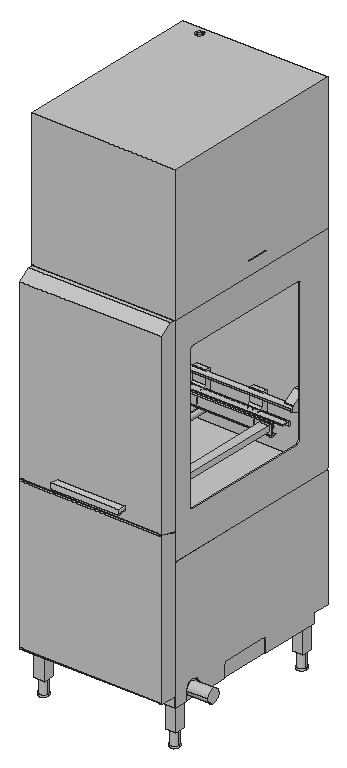
Revit family "QF_ELECTROLUXPROFESSIONAL_535033_NMPWEV", category Specialty Equipment, Revit 2018
Family settings
  Round Connector Dimension = Use Diameter
  Part Type = Normal
  Work Plane-Based = No
  Always vertical = Yes
  Cut with Voids When Loaded = No
  Shared = No
  Room Calculation Point = No
Parameters
  Weight = 0.00 kg
  Watts = 0 W
  Volts = 380 V
  URL Manufacturer = "http://professional.electrolux.com/"
  URL = "http://professional.electrolux.com/"
  Steam Supply Size = 0 mm
  Steam Supply Minimum Pressure = 0.0 Pa
  Steam Supply Maximum Pressure = 0.0 Pa
  Steam Pounds per Hour = 0
  Show Clearance [instance] = yes
  Refrigeration Suction Line Size = 0 mm
  Refrigeration Liquid Line Size = 0 mm
  Refrigerant Compressor Remote = yes
  Manufacturer = "Zanussi"
  Phase = 3
  Model = "NMPWEV"
  Length Actual = 560 mm  # constant formula
  Item Number = "535033"
  Hot Water Size = 0 mm
  Height Actual = 2020 mm  # constant formula
  HP = "9.9 HP"
  Gas Size = 0 mm
  Gas KW = 0
  Gas Input Pressure = 0 W
  Direct Waste Size = 50 mm
  Description = "MEDIUM PRE-WASH MODULE RT-ELEC.HP"
  Depth Actual = 825 mm  # constant formula
  Cycle = 50 Hz
  Condensate Return Size = 0 mm
  Compressed Air Volume = 0.0 L/s
  Compressed Air Size = 0 mm
  Compressed Air Pressure = 0.0 Pa
  Cold Water Size = 0 mm
  Accessory = yes
Reference planes
  plane 1 "Center X": y = -14.242
  plane 2: z = 0
  plane 3 "Center Y": x = 293.437
  plane 4 "LEFT": x = 13.437
  plane 5 "RIGHT": x = 573.437
  plane 6 "BACK": y = 383.258
  plane 7 "FRONT": y = -411.742
  plane 8: z = 150
  plane 9: z = 2095
  plane 10: z = 185
  plane 11 "TOP": z = 2020
Forms (mm)
  Extrusion 1, solid, material "QF_Clearance", visible <- "Show Clearance", detail levels coarse
    sketch origin (0, 0, 0) x (1, 0, 0) y (0, 1, 0)
      loop
        line (13.437, 383.258) -> (573.437, 383.258) -> (573.437, 433.258) -> (13.437, 433.258) -> (13.437, 383.258)
    from 0 to 2020
  Extrusion 2, solid, material "QF_Finishes_Stainless Steel"
    sketch origin (13.437, 437.565, 4000) x (0, 1, 0) y (0, 0, 1)
      loop
        line (-54.307, -2507) -> (-786.807, -2507) -> (-786.807, -3337)
        arc (-786.807, -3337) -> (-785.343, -3340.536) -> (-781.807, -3342) r 5
        line (-781.807, -3342) -> (-59.307, -3342)
        arc (-59.307, -3342) -> (-55.772, -3340.536) -> (-54.307, -3337) r 5
        line (-54.307, -3337) -> (-54.307, -2507)
      loop
        line (-203.511, -2625.157) -> (-705.104, -2625.157)
        arc (-705.104, -2625.157) -> (-717.267, -2630.195) -> (-722.305, -2642.358) r 17.201
        line (-722.305, -2642.358) -> (-722.305, -3177.057)
        arc (-722.305, -3177.057) -> (-717.267, -3189.22) -> (-705.104, -3194.258) r 17.201
        line (-705.104, -3194.258) -> (-203.511, -3194.258)
        arc (-203.511, -3194.258) -> (-191.348, -3189.22) -> (-186.31, -3177.057) r 17.201
        line (-186.31, -3177.057) -> (-186.31, -2642.358)
        arc (-186.31, -2642.358) -> (-191.348, -2630.195) -> (-203.511, -2625.157) r 17.201
    from 0 to 5
  Extrusion 3, solid, material "QF_Finishes_Stainless Steel"
    sketch origin (293.437, 0, 235) x (0, 1, 0) y (0, 0, 1)
      loop
        line (383.258, 1785) -> (-349.242, 1785) -> (-349.242, 1258) -> (383.258, 1258) -> (383.258, 1785)
    from -280 to 280
  Extrusion 4, solid, material "QF_Finishes_Stainless Steel"
    sketch origin (293.437, 0, 0) x (0, 1, 0) y (0, 0, 1)
      loop
        line (383.258, 1493) -> (-349.242, 1493) -> (-349.242, 150) -> (315.758, 150) -> (315.758, 188) -> (383.258, 188) -> (383.258, 1493)
      loop
        line (315.758, 1443) -> (-324.242, 1443) -> (-324.242, 708) -> (315.758, 708) -> (315.758, 1443)
    from -275 to 275
  Extrusion 5, solid, material "QF_Finishes_Stainless Steel"
    sketch origin (13.437, 437.565, 4000) x (0, 1, 0) y (0, 0, 1)
      loop
        line (-59.307, -3344) -> (-781.807, -3344)
        arc (-781.807, -3344) -> (-785.343, -3345.464) -> (-786.807, -3349) r 5
        line (-786.807, -3349) -> (-786.807, -3850) -> (-740.31, -3850) -> (-740.31, -3815)
        arc (-740.31, -3815) -> (-707.31, -3782) -> (-674.31, -3815) r 33
        line (-674.31, -3815) -> (-674.31, -3850) -> (-554.307, -3850) -> (-554.307, -3805)
        arc (-554.307, -3805) -> (-549.914, -3794.393) -> (-539.307, -3790) r 15
        line (-539.307, -3790) -> (-369.307, -3790)
        arc (-369.307, -3790) -> (-358.701, -3794.393) -> (-354.307, -3805) r 15
        line (-354.307, -3805) -> (-354.307, -3850) -> (-121.807, -3850) -> (-121.807, -3812) -> (-54.307, -3812) -> (-54.307, -3349)
        arc (-54.307, -3349) -> (-55.772, -3345.464) -> (-59.307, -3344) r 5
    from 0 to 5
  Extrusion 6, solid, material "QF_Finishes_Stainless Steel"
    sketch origin (573.437, 479.936, 4000) x (0, 1, 0) y (0, 0, 1)
      loop
        line (-96.678, -2507) -> (-829.178, -2507) -> (-829.178, -3337)
        arc (-829.178, -3337) -> (-827.714, -3340.536) -> (-824.178, -3342) r 5
        line (-824.178, -3342) -> (-101.678, -3342)
        arc (-101.678, -3342) -> (-98.142, -3340.536) -> (-96.678, -3337) r 5
        line (-96.678, -3337) -> (-96.678, -2507)
      loop
        line (-245.882, -2625.157) -> (-747.475, -2625.157)
        arc (-747.475, -2625.157) -> (-759.638, -2630.195) -> (-764.676, -2642.358) r 17.201
        line (-764.676, -2642.358) -> (-764.676, -3177.057)
        arc (-764.676, -3177.057) -> (-759.638, -3189.22) -> (-747.475, -3194.258) r 17.201
        line (-747.475, -3194.258) -> (-245.882, -3194.258)
        arc (-245.882, -3194.258) -> (-233.718, -3189.22) -> (-228.68, -3177.057) r 17.201
        line (-228.68, -3177.057) -> (-228.68, -2642.358)
        arc (-228.68, -2642.358) -> (-233.718, -2630.195) -> (-245.882, -2625.157) r 17.201
    from -5 to 0
  Extrusion 7, solid, material "QF_Finishes_Stainless Steel"
    sketch origin (573.437, 479.936, 4000) x (0, 1, 0) y (0, 0, 1)
      loop
        line (-101.678, -3344) -> (-824.178, -3344)
        arc (-824.178, -3344) -> (-827.714, -3345.464) -> (-829.178, -3349) r 5
        line (-829.178, -3349) -> (-829.178, -3850) -> (-782.68, -3850) -> (-782.68, -3815)
        arc (-782.68, -3815) -> (-749.68, -3782) -> (-716.68, -3815) r 33
        line (-716.68, -3815) -> (-716.68, -3850) -> (-596.678, -3850) -> (-596.678, -3805)
        arc (-596.678, -3805) -> (-592.285, -3794.393) -> (-581.678, -3790) r 15
        line (-581.678, -3790) -> (-411.678, -3790)
        arc (-411.678, -3790) -> (-401.071, -3794.393) -> (-396.678, -3805) r 15
        line (-396.678, -3805) -> (-396.678, -3850) -> (-164.178, -3850) -> (-164.178, -3812) -> (-96.678, -3812) -> (-96.678, -3349)
        arc (-96.678, -3349) -> (-98.142, -3345.464) -> (-101.678, -3344) r 5
    from -5 to 0
  Extrusion 8, void
    sketch origin (293.437, 383.258, 2020) x (1, 0, 0) y (0, -1, 0)
      loop
        circle (-188, 33.75) r 8
      loop
        circle (-188, 33.75) r 16
    from 0 to 5
Cuts and joins
  Extrusion 8 cuts Extrusion 3
Lines and regions (mm)
  symbolic lines, style "QF_Clearances", visible <- "Show Clearance", detail levels coarse
    curve 1: line (573.437, 433.258, 2020) -> (13.437, 433.258, 2020)
  symbolic lines
    curve 2: line (13.437, 383.258, 0) -> (573.437, 383.258, 0)
    curve 3: line (13.437, -349.242, 0) -> (13.437, 383.258, 0)
    curve 4: line (573.437, -349.242, 0) -> (13.437, -349.242, 0)
    curve 5: line (573.437, 383.258, 0) -> (573.437, -349.242, 0)
    curve 6: line (13.437, 315.758, 0) -> (573.437, 315.758, 0)
Dimensions and locks
  plane 4 "LEFT" to plane 5 "RIGHT" = 560 mm
  equal spacing: plane 6 "BACK", plane 1 "Center X", plane 7 "FRONT"
  plane 6 "BACK" to plane 7 "FRONT" = 795 mm
  plane 8 to level = 150 mm
  Extrusion 1 to Extrusion 8 sketch curve = 92 mm
  locked: Extrusion 5 to plane 4 "LEFT" at 5
  locked: plane 5 "RIGHT" to Extrusion 7 at 5
  aligned and locked: level to plane 2
  aligned and locked: plane 4 "LEFT" to nested 5
  aligned and locked: plane 5 "RIGHT" to nested 4
  aligned and locked: cut or joined group of Extrusion 3, Extrusion 8 to plane 4 "LEFT"
  aligned and locked: plane 5 "RIGHT" to cut or joined group of Extrusion 3, Extrusion 8
  aligned and locked: Extrusion 6 to Extrusion 7
  aligned and locked: Extrusion 4 to Extrusion 7
  aligned and locked: Extrusion 4 to Extrusion 5
  aligned and locked: curve 2 to plane 6 "BACK"
  aligned and locked: curve 5 to plane 5 "RIGHT"
  aligned and locked: plane 4 "LEFT" to curve 3
  aligned and locked: curve 4 to Extrusion 4
  aligned and locked: plane 3 "Center Y" to nested 3
Automatic sketch dimensions
  Extrusion 1 sketch curve to plane 4 "LEFT" = 0 mm
  Extrusion 1 sketch curve to plane 5 "RIGHT" = 0 mm
  Extrusion 1 sketch curve to plane 6 "BACK" = 0 mm
  plane 6 "BACK" to Extrusion 1 sketch curve = 50 mm
  Extrusion 2 sketch curve to plane 6 "BACK" = 0 mm
  Extrusion 2 sketch curve to Extrusion 2 sketch curve = 5 mm  (x2)
  Extrusion 2 sketch curve to plane 6 "BACK" = 132.002 mm  (x2)
  Extrusion 2 sketch curve to Extrusion 2 sketch curve = 17.201 mm  (x3)
  plane 7 "FRONT" to Extrusion 2 sketch curve = 144.203 mm  (x2)
  plane 7 "FRONT" to Extrusion 2 sketch curve = 67.5 mm
  plane 10 to Extrusion 2 sketch curve = 473 mm
  Extrusion 2 sketch curve to Extrusion 2 sketch curve = 142.742 mm
  Extrusion 2 sketch curve to Extrusion 2 sketch curve = 0 mm  (x2)
  Extrusion 2 sketch curve to Extrusion 2 sketch curve = 534.698 mm
  Extrusion 2 sketch curve to Extrusion 2 sketch curve = 135.358 mm
  Extrusion 3 sketch curve to plane 6 "BACK" = 0 mm
  plane 7 "FRONT" to Extrusion 3 sketch curve = 62.5 mm
  Extrusion 3 sketch curve to Extrusion 3 sketch curve = 527 mm
  Extrusion 4 sketch curve to plane 8 = 0 mm
  Extrusion 4 sketch curve to plane 6 "BACK" = 0 mm
  plane 10 to Extrusion 4 sketch curve = 3 mm
  Extrusion 4 sketch curve to plane 6 "BACK" = 67.5 mm  (x2)
  plane 7 "FRONT" to Extrusion 4 sketch curve = 87.5 mm
  plane 7 "FRONT" to Extrusion 4 sketch curve = 62.5 mm
  Extrusion 4 sketch curve to Extrusion 4 sketch curve = 520 mm
  Extrusion 4 sketch curve to Extrusion 4 sketch curve = 50 mm
  Extrusion 5 sketch curve to plane 8 = 0 mm  (x3)
  Extrusion 5 sketch curve to plane 10 = 0 mm  (x2)
  Extrusion 5 sketch curve to plane 6 "BACK" = 0 mm
  Extrusion 5 sketch curve to plane 6 "BACK" = 5 mm
  plane 10 to Extrusion 5 sketch curve = 3 mm
  Extrusion 5 sketch curve to Extrusion 5 sketch curve = 67.5 mm
  Extrusion 5 sketch curve to plane 1 "Center X" = 97.5 mm
  Extrusion 5 sketch curve to Extrusion 5 sketch curve = 15 mm  (x2)
  plane 10 to Extrusion 5 sketch curve = 25 mm
  plane 1 "Center X" to Extrusion 5 sketch curve = 87.5 mm
  Extrusion 5 sketch curve to Extrusion 5 sketch curve = 120.002 mm
  Extrusion 5 sketch curve to Extrusion 5 sketch curve = 33 mm
  plane 7 "FRONT" to Extrusion 5 sketch curve = 67.5 mm
  Extrusion 5 sketch curve to Extrusion 5 sketch curve = 46.498 mm
  plane 10 to Extrusion 5 sketch curve = 466 mm
  Extrusion 6 sketch curve to plane 6 "BACK" = 0 mm
  Extrusion 6 sketch curve to plane 6 "BACK" = 5 mm
  Extrusion 6 sketch curve to plane 6 "BACK" = 132.002 mm  (x2)
  Extrusion 6 sketch curve to Extrusion 6 sketch curve = 17.201 mm  (x3)
  plane 7 "FRONT" to Extrusion 6 sketch curve = 144.203 mm  (x2)
  plane 7 "FRONT" to Extrusion 6 sketch curve = 67.5 mm
  Extrusion 6 sketch curve to Extrusion 6 sketch curve = 5 mm
  plane 10 to Extrusion 6 sketch curve = 473 mm
  Extrusion 6 sketch curve to Extrusion 6 sketch curve = 142.742 mm
  Extrusion 6 sketch curve to Extrusion 6 sketch curve = 0 mm  (x2)
  Extrusion 6 sketch curve to Extrusion 6 sketch curve = 534.698 mm
  Extrusion 6 sketch curve to Extrusion 6 sketch curve = 135.358 mm
  Extrusion 7 sketch curve to plane 8 = 0 mm  (x3)
  Extrusion 7 sketch curve to plane 10 = 0 mm  (x2)
  Extrusion 7 sketch curve to plane 6 "BACK" = 0 mm
  Extrusion 7 sketch curve to plane 6 "BACK" = 5 mm
  plane 10 to Extrusion 7 sketch curve = 3 mm
  Extrusion 7 sketch curve to plane 6 "BACK" = 67.5 mm
  Extrusion 7 sketch curve to plane 1 "Center X" = 97.5 mm
  Extrusion 7 sketch curve to Extrusion 7 sketch curve = 15 mm  (x2)
  plane 10 to Extrusion 7 sketch curve = 25 mm
  plane 1 "Center X" to Extrusion 7 sketch curve = 87.5 mm
  Extrusion 7 sketch curve to Extrusion 7 sketch curve = 120.002 mm
  Extrusion 7 sketch curve to Extrusion 7 sketch curve = 33 mm
  plane 7 "FRONT" to Extrusion 7 sketch curve = 67.5 mm
  Extrusion 7 sketch curve to Extrusion 7 sketch curve = 46.498 mm
  plane 10 to Extrusion 7 sketch curve = 466 mm
  Extrusion 8 sketch curve to Extrusion 8 sketch curve = 0 mm  (x2)
  Extrusion 3 to Extrusion 8 sketch curve = 33.75 mm
  curve 1 to Extrusion 3 = 0 mm  (x2)
  curve 1 to Extrusion 3 = 50 mm
  curve 6 to plane 6 "BACK" = 67.5 mm
  Extrusion 3 sketch curve to plane 9 = 602 mm
  Extrusion 4 sketch curve to plane 9 = 652 mm
  radius of Extrusion 8 sketch curve = 8 mm
  radius of Extrusion 8 sketch curve = 16 mm
Nested families
  nested 1: "Foot_40x40_H150" at (547.437, -324.742, 0), type "Foot_40x40_H150"
  nested 2: "Foot_40x40_H150" at (547.437, 291.258, 0), type "Foot_40x40_H150"
  nested 3: "Basket_Guide+Wash_Arm_22''" at (0, 0, 0), type "Basket_Guide+Wash_Arm_22''"
  nested 4: "Drain_DX" at (-610, 0, 0), type "Drain_DX"
  nested 5: "HWI-CWI_DX" at (610, 0, 0), type "HWI-CWI_DX"
  nested 6: "Door_22''" at (50, 0, 0), Show Clearance <- "Show Clearance", type "Door_22''"
  nested 7: "Foot_40x40_H150" at (39.437, -324.742, 0) x (-1, 0, 0) z (0, 0, 1), type "Foot_40x40_H150"
  nested 8: "Foot_40x40_H150" at (39.437, 291.258, 0) x (-1, 0, 0) z (0, 0, 1), type "Foot_40x40_H150"
Connectors
  piping at (653.437, -269.744, 185), diameter 50
    settings: on nested 4, index 2, connector inside diameter 609.6 mm, connector length 0 mm, flow factor 0, pipe flow 0.0 L/s, pressure drop 0.0 Pa, fitting loss kfactor 0, connector angle 0.00°, fixture units 0, engagement length 0 mm, angle of deflection 0.00°, flow configuration 1, flow direction 2, fitting loss method 0, system type 16, joint type 0, gender type 0, connector reference index -1, connector utility 0, adjustable connector no, is connector primary yes, connector description "Drain"
  piping at (-66.563, 53.258, 185), diameter 36
    settings: on nested 5, index 3, connector inside diameter 609.6 mm, connector length 0 mm, flow factor 0, pipe flow 0.0 L/s, pressure drop 0.0 Pa, fitting loss kfactor 0, connector angle 0.00°, fixture units 0, engagement length 0 mm, angle of deflection 0.00°, flow configuration 1, flow direction 1, fitting loss method 0, system type 19, joint type 0, gender type 0, connector reference index -1, connector utility 0, adjustable connector no, is connector primary no, connector description "Hot Water Inlet"
  piping at (-66.563, -86.742, 185), diameter 36
    settings: on nested 5, index 4, connector inside diameter 609.6 mm, connector length 0 mm, flow factor 0, pipe flow 0.0 L/s, pressure drop 0.0 Pa, fitting loss kfactor 0, connector angle 0.00°, fixture units 0, engagement length 0 mm, angle of deflection 0.00°, flow configuration 1, flow direction 1, fitting loss method 0, system type 20, joint type 0, gender type 0, connector reference index -1, connector utility 0, adjustable connector no, is connector primary no, connector description "Cold Water Inlet"
  electrical at (105.437, 349.508, 2020), driven by "Volts"
    settings: on cut or joined group of Extrusion 3, Extrusion 8, index 5, voltage 380 V, apparent load 0 VA, apparent load phase1 0 VA, apparent load phase2 0 VA, apparent load phase3 0 VA, power factor 1, load classification "Altro", number of poles 1, system type 30, power factor state 1, is connector primary yes, connector utility no, sub classification motor no, connector description "Electrical Connection"
Definition of nested family "Foot_40x40_H150"
  Reference planes
    plane 1 "Centro (Fronte/Retro)": y = 0
    plane 2: z = 0
    plane 3 "Centro (Sinistra/Destra)": x = 0
    plane 4: z = 150
  Forms (mm)
    Extrusion 1, solid
      sketch origin (0, 0, 0) x (1, 0, 0) y (0, 1, 0)
        loop
          circle (0, 0) r 18
      from 0 to 5
    Extrusion 2, solid
      sketch origin (0, 0, 5) x (1, 0, 0) y (0, 1, 0)
        loop
          circle (0, 0) r 15
      from 0 to 55
    Extrusion 3, solid
      sketch origin (0, 0, 60) x (1, 0, 0) y (0, 1, 0)
        loop
          line (-20, 20) -> (-20, -20) -> (20, -20) -> (20, 20) -> (-20, 20)
      from 0 to 90
  Dimensions and locks
    aligned and locked: level to plane 2
    aligned and locked: plane 4 to Extrusion 3
    aligned and locked: Extrusion 1 to level
Definition of nested family "Basket_Guide+Wash_Arm_22''"
  Reference planes
    plane 1 "Center X": y = -14.242
    plane 2: z = 0
    plane 3 "Center Y": x = 293.437
    plane 4 "LEFT": x = 13.437
    plane 5 "RIGHT": x = 573.437
    plane 6 "BACK": y = 383.258
    plane 7 "FRONT": y = -411.742
    plane 8: z = 150
    plane 9 "TOP": z = 1785
    plane 10: z = 875
  Forms (mm)
    Extrusion 1, solid
      sketch origin (293.437, 0, 0) x (0, 1, 0) y (0, 0, 1)
        loop
          line (-276.187, 929.245) -> (-324.242, 956.99) -> (-324.242, 879.81) -> (-276.187, 907.554) -> (-276.187, 929.245)
        loop
          line (247.703, 929.245) -> (247.703, 907.554) -> (295.758, 879.81) -> (315.758, 879.81) -> (315.758, 956.99) -> (295.758, 956.99) -> (247.703, 929.245)
      from 259 to 223
    Extrusion 2, solid
      sketch origin (293.437, 0, 0) x (0, 1, 0) y (0, 0, 1)
        loop
          line (-279.487, 880.8) -> (-279.487, 933.4) -> (-296.908, 933.4) -> (-296.908, 856.308) -> (-244.984, 804.385) -> (-236.263, 763.388) -> (-235.285, 763.596) -> (-244.068, 804.882) -> (-272.884, 833.698) -> (-236.487, 833.698) -> (-236.487, 855.89) -> (-256.487, 855.89) -> (-256.487, 872.8) -> (-271.487, 872.8) -> (-279.487, 880.8)
        loop
          line (251.003, 880.8) -> (243.003, 872.8) -> (228.003, 872.8) -> (228.003, 855.89) -> (208.003, 855.89) -> (208.003, 833.698) -> (245.814, 833.698) -> (268.424, 856.308) -> (268.424, 933.4) -> (251.003, 933.4) -> (251.003, 880.8)
        loop
          line (-251.685, 1443) -> (-251.685, 1420.164) -> (-229.067, 1380.988) -> (-227.335, 1381.988) -> (-249.685, 1420.7) -> (-249.685, 1443) -> (-251.685, 1443)
      from 135 to 85
    Extrusion 3, solid
      sketch origin (293.437, 0, 0) x (0, 1, 0) y (0, 0, 1)
        loop
          line (-234.318, 858) -> (-234.318, 836) -> (205.835, 836) -> (205.835, 858) -> (-234.318, 858)
      from 195 to 160
    Extrusion 4, solid
      sketch origin (293.437, 0, 0) x (0, 1, 0) y (0, 0, 1)
        loop
          line (-276.187, 929.245) -> (-324.242, 956.99) -> (-324.242, 879.81) -> (-276.187, 907.554) -> (-276.187, 929.245)
        loop
          line (247.703, 929.245) -> (247.703, 907.554) -> (295.758, 879.81) -> (315.758, 879.81) -> (315.758, 956.99) -> (295.758, 956.99) -> (247.703, 929.245)
      from -259 to -223
    Extrusion 5, solid
      sketch origin (293.437, 0, 0) x (0, 1, 0) y (0, 0, 1)
        loop
          circle (-279.187, 918.4) r 10
        loop
          circle (250.703, 918.4) r 10
      from -259 to 259
    Extrusion 6, solid
      sketch origin (293.437, 0, 0) x (0, 1, 0) y (0, 0, 1)
        loop
          line (-279.487, 880.8) -> (-279.487, 933.4) -> (-296.908, 933.4) -> (-296.908, 856.308) -> (-244.984, 804.385) -> (-236.263, 763.388) -> (-235.285, 763.596) -> (-244.068, 804.882) -> (-272.884, 833.698) -> (-236.487, 833.698) -> (-236.487, 855.89) -> (-256.487, 855.89) -> (-256.487, 872.8) -> (-271.487, 872.8) -> (-279.487, 880.8)
        loop
          line (251.003, 880.8) -> (243.003, 872.8) -> (228.003, 872.8) -> (228.003, 855.89) -> (208.003, 855.89) -> (208.003, 833.698) -> (245.814, 833.698) -> (268.424, 856.308) -> (268.424, 933.4) -> (251.003, 933.4) -> (251.003, 880.8)
        loop
          line (-251.685, 1443) -> (-251.685, 1420.164) -> (-229.067, 1380.988) -> (-227.335, 1381.988) -> (-249.685, 1420.7) -> (-249.685, 1443) -> (-251.685, 1443)
      from -135 to -85
    Extrusion 7, solid
      sketch origin (293.437, 0, 0) x (0, 1, 0) y (0, 0, 1)
        loop
          line (240.615, 858) -> (242.615, 858) -> (242.615, 870.68)
          arc (242.615, 870.68) -> (241.349, 873.735) -> (238.294, 875) r 4.32
          line (238.294, 875) -> (210.615, 875) -> (210.615, 873) -> (238.294, 873)
          arc (238.294, 873) -> (239.935, 872.32) -> (240.615, 870.68) r 2.32
          line (240.615, 870.68) -> (240.615, 858)
        loop
          line (-269.098, 858) -> (-269.098, 870.68)
          arc (-269.098, 870.68) -> (-268.419, 872.32) -> (-266.778, 873) r 2.32
          line (-266.778, 873) -> (-239.098, 873) -> (-239.098, 875) -> (-266.778, 875)
          arc (-266.778, 875) -> (-269.833, 873.735) -> (-271.098, 870.68) r 4.32
          line (-271.098, 870.68) -> (-271.098, 858) -> (-269.098, 858)
      from -245 to 245
    Extrusion 8, solid
      sketch origin (293.437, 0, 0) x (0, 1, 0) y (0, 0, 1)
        loop
          line (207.835, 825.32) -> (207.835, 861.68)
          arc (207.835, 861.68) -> (208.514, 863.32) -> (210.155, 864) r 2.32
          line (210.155, 864) -> (227.835, 864) -> (227.835, 866) -> (210.155, 866)
          arc (210.155, 866) -> (207.1, 864.735) -> (205.835, 861.68) r 4.32
          line (205.835, 861.68) -> (205.835, 825.32)
          arc (205.835, 825.32) -> (207.1, 822.265) -> (210.155, 821) r 4.32
          line (210.155, 821) -> (227.835, 821) -> (227.835, 823) -> (210.155, 823)
          arc (210.155, 823) -> (208.514, 823.679) -> (207.835, 825.32) r 2.32
        loop
          arc (-236.318, 825.32) -> (-236.998, 823.679) -> (-238.639, 823) r 2.32
          line (-238.639, 823) -> (-256.318, 823) -> (-256.318, 821) -> (-238.639, 821)
          arc (-238.639, 821) -> (-235.584, 822.265) -> (-234.318, 825.32) r 4.32
          line (-234.318, 825.32) -> (-234.318, 861.68)
          arc (-234.318, 861.68) -> (-235.584, 864.735) -> (-238.639, 866) r 4.32
          line (-238.639, 866) -> (-256.318, 866) -> (-256.318, 864) -> (-238.639, 864)
          arc (-238.639, 864) -> (-236.998, 863.32) -> (-236.318, 861.68) r 2.32
          line (-236.318, 861.68) -> (-236.318, 825.32)
      from -205 to 205
    Extrusion 9, solid
      sketch origin (293.437, 0, 0) x (0, 1, 0) y (0, 0, 1)
        loop
          line (-234.318, 858) -> (-234.318, 836) -> (205.835, 836) -> (205.835, 858) -> (-234.318, 858)
      from -195 to -160
    Extrusion 10, solid
      sketch origin (128.437, 315.758, 1443) x (0, 0, 1) y (-1, 0, 0)
        loop
          line (-650.516, -267.5) -> (-663.507, -260) -> (-676.497, -267.5) -> (-676.497, -282.5) -> (-663.507, -290) -> (-650.516, -282.5) -> (-650.516, -267.5)
        loop
          line (-22.01, -267.5) -> (-35, -260) -> (-47.99, -267.5) -> (-47.99, -282.5) -> (-35, -290) -> (-22.01, -282.5) -> (-22.01, -267.5)
        loop
          line (-650.516, -47.5) -> (-663.507, -40) -> (-676.497, -47.5) -> (-676.497, -62.5) -> (-663.507, -70) -> (-650.516, -62.5) -> (-650.516, -47.5)
        loop
          line (-22.01, -47.5) -> (-35, -40) -> (-47.99, -47.5) -> (-47.99, -62.5) -> (-35, -70) -> (-22.01, -62.5) -> (-22.01, -47.5)
      from 0 to 30
    Extrusion 11, solid
      sketch origin (128.437, 285.758, 1443) x (0, 0, 1) y (-1, 0, 0)
        loop
          circle (-663.507, -275) r 10
        loop
          circle (-35, -275) r 10
        loop
          circle (-663.507, -55) r 10
        loop
          circle (-35, -55) r 10
      from 0 to 537.443
  Cuts and joins
    joined: Extrusion 1, Extrusion 2, Extrusion 4, Extrusion 5, Extrusion 6, Extrusion 7, Extrusion 10, Extrusion 11
    joined: Extrusion 3, Extrusion 8, Extrusion 9
  Dimensions and locks
    plane 4 "LEFT" to plane 5 "RIGHT" = 560 mm
    plane 4 "LEFT" to plane 3 "Center Y" to plane 5 "RIGHT" = 280 mm, 280 mm
    equal spacing: plane 6 "BACK", plane 1 "Center X", plane 7 "FRONT"  (x2)
    plane 6 "BACK" to plane 7 "FRONT" = 795 mm  (x2)
    plane 9 "TOP" to plane 8 to level = 1635 mm, 150 mm
    aligned and locked: level to plane 2
  Automatic sketch dimensions
    Extrusion 10 sketch curve to plane 10 = 108.497 mm  (x2)
    Extrusion 10 sketch curve to Extrusion 10 sketch curve = 12.99 mm  (x13)
    plane 3 "Center Y" to Extrusion 10 sketch curve = 117.5 mm
    Extrusion 10 sketch curve to plane 9 "TOP" = 389.99 mm
    plane 3 "Center Y" to Extrusion 10 sketch curve = 125 mm  (x2)
    plane 3 "Center Y" to Extrusion 10 sketch curve = 95 mm
    plane 3 "Center Y" to Extrusion 10 sketch curve = 102.5 mm
    Extrusion 10 sketch curve to Extrusion 10 sketch curve = 7.5 mm  (x8)
    Extrusion 10 sketch curve to Extrusion 10 sketch curve = 15 mm  (x7)
    Extrusion 11 sketch curve to Extrusion 10 = 12.99 mm  (x5)
    Extrusion 11 sketch curve to Extrusion 11 sketch curve = 0 mm
    plane 7 "FRONT" to Extrusion 1 sketch curve = 87.5 mm
    plane 10 to Extrusion 1 sketch curve = 32.554 mm
    Extrusion 1 sketch curve to Extrusion 1 sketch curve = 48.055 mm  (x3)
    plane 10 to Extrusion 1 sketch curve = 54.245 mm
    Extrusion 1 sketch curve to plane 6 "BACK" = 135.555 mm
    plane 10 to Extrusion 1 sketch curve = 4.81 mm  (x2)
    Extrusion 1 sketch curve to Extrusion 1 sketch curve = 20 mm
    Extrusion 1 sketch curve to Extrusion 1 sketch curve = 21.691 mm  (x2)
    Extrusion 1 sketch curve to Extrusion 1 sketch curve = 27.745 mm  (x2)
    Extrusion 2 sketch curve to plane 10 = 18.692 mm  (x2)
    plane 7 "FRONT" to Extrusion 2 sketch curve = 114.834 mm
    plane 10 to Extrusion 2 sketch curve = 58.4 mm
    Extrusion 2 sketch curve to Extrusion 2 sketch curve = 17.421 mm  (x3)
    plane 10 to Extrusion 2 sketch curve = 5.8 mm  (x2)
    Extrusion 2 sketch curve to Extrusion 2 sketch curve = 24.024 mm
    Extrusion 2 sketch curve to plane 10 = 2.2 mm  (x2)
    Extrusion 2 sketch curve to Extrusion 2 sketch curve = 8 mm  (x2)
    Extrusion 2 sketch curve to Extrusion 2 sketch curve = 15 mm  (x2)
    plane 7 "FRONT" to Extrusion 2 sketch curve = 160.057 mm
    Extrusion 2 sketch curve to Extrusion 2 sketch curve = 2 mm
    Extrusion 2 sketch curve to plane 10 = 70.615 mm
    Extrusion 2 sketch curve to Extrusion 2 sketch curve = 27.899 mm
    Extrusion 2 sketch curve to plane 10 = 70.118 mm
    Extrusion 2 sketch curve to Extrusion 2 sketch curve = 0.916 mm
    Extrusion 2 sketch curve to Extrusion 2 sketch curve = 7.581 mm
    Extrusion 2 sketch curve to Extrusion 2 sketch curve = 8.721 mm
    Extrusion 2 sketch curve to plane 10 = 111.404 mm
    Extrusion 2 sketch curve to Extrusion 2 sketch curve = 20.618 mm
    Extrusion 2 sketch curve to Extrusion 2 sketch curve = 1.732 mm
    Extrusion 2 sketch curve to plane 10 = 41.302 mm
    Extrusion 2 sketch curve to plane 6 "BACK" = 175.255 mm
    Extrusion 2 sketch curve to Extrusion 2 sketch curve = 20 mm
    Extrusion 2 sketch curve to Extrusion 2 sketch curve = 17.811 mm
    Extrusion 2 sketch curve to Extrusion 2 sketch curve = 0 mm
    Extrusion 2 sketch curve to Extrusion 2 sketch curve = 22.61 mm
    Extrusion 2 sketch curve to Extrusion 2 sketch curve = 16.909 mm  (x2)
    Extrusion 2 sketch curve to Extrusion 2 sketch curve = 52.6 mm
    Extrusion 2 sketch curve to plane 9 "TOP" = 404.012 mm
    Extrusion 2 sketch curve to Extrusion 2 sketch curve = 1 mm
    Extrusion 2 sketch curve to Extrusion 2 sketch curve = 22.3 mm
    Extrusion 3 sketch curve to plane 10 = 39 mm
    plane 7 "FRONT" to Extrusion 3 sketch curve = 177.423 mm
    Extrusion 3 sketch curve to plane 6 "BACK" = 177.423 mm
    Extrusion 3 sketch curve to plane 10 = 17 mm
    plane 7 "FRONT" to Extrusion 4 sketch curve = 87.5 mm
    plane 10 to Extrusion 4 sketch curve = 32.554 mm
    Extrusion 4 sketch curve to Extrusion 4 sketch curve = 48.055 mm  (x3)
    plane 10 to Extrusion 4 sketch curve = 54.245 mm
    Extrusion 4 sketch curve to plane 6 "BACK" = 135.555 mm
    plane 10 to Extrusion 4 sketch curve = 4.81 mm  (x2)
    Extrusion 4 sketch curve to Extrusion 4 sketch curve = 20 mm
    Extrusion 4 sketch curve to Extrusion 4 sketch curve = 21.691 mm  (x2)
    Extrusion 4 sketch curve to Extrusion 4 sketch curve = 27.745 mm  (x2)
    plane 10 to Extrusion 5 sketch curve = 43.4 mm  (x2)
    plane 7 "FRONT" to Extrusion 5 sketch curve = 132.555 mm
    Extrusion 5 sketch curve to plane 6 "BACK" = 132.555 mm
    Extrusion 6 sketch curve to plane 10 = 18.692 mm  (x2)
    plane 7 "FRONT" to Extrusion 6 sketch curve = 114.834 mm
    plane 10 to Extrusion 6 sketch curve = 58.4 mm
    Extrusion 6 sketch curve to Extrusion 6 sketch curve = 17.421 mm  (x3)
    plane 10 to Extrusion 6 sketch curve = 5.8 mm  (x2)
    Extrusion 6 sketch curve to Extrusion 6 sketch curve = 24.024 mm
    Extrusion 6 sketch curve to plane 10 = 2.2 mm  (x2)
    Extrusion 6 sketch curve to Extrusion 6 sketch curve = 8 mm  (x2)
    Extrusion 6 sketch curve to Extrusion 6 sketch curve = 15 mm  (x2)
    plane 7 "FRONT" to Extrusion 6 sketch curve = 160.057 mm
    Extrusion 6 sketch curve to Extrusion 6 sketch curve = 2 mm
    Extrusion 6 sketch curve to plane 10 = 70.615 mm
    Extrusion 6 sketch curve to Extrusion 6 sketch curve = 27.899 mm
    Extrusion 6 sketch curve to plane 10 = 70.118 mm
    Extrusion 6 sketch curve to Extrusion 6 sketch curve = 0.916 mm
    Extrusion 6 sketch curve to Extrusion 6 sketch curve = 7.581 mm
    Extrusion 6 sketch curve to Extrusion 6 sketch curve = 8.721 mm
    Extrusion 6 sketch curve to plane 10 = 111.404 mm
    Extrusion 6 sketch curve to Extrusion 6 sketch curve = 20.618 mm
    Extrusion 6 sketch curve to Extrusion 6 sketch curve = 1.732 mm
    Extrusion 6 sketch curve to plane 10 = 41.302 mm
    Extrusion 6 sketch curve to plane 6 "BACK" = 175.255 mm
    Extrusion 6 sketch curve to Extrusion 6 sketch curve = 20 mm
    Extrusion 6 sketch curve to Extrusion 6 sketch curve = 17.811 mm
    Extrusion 6 sketch curve to Extrusion 6 sketch curve = 0 mm
    Extrusion 6 sketch curve to Extrusion 6 sketch curve = 22.61 mm
    Extrusion 6 sketch curve to Extrusion 6 sketch curve = 16.909 mm  (x2)
    Extrusion 6 sketch curve to Extrusion 6 sketch curve = 52.6 mm
    Extrusion 6 sketch curve to plane 9 "TOP" = 404.012 mm
    Extrusion 6 sketch curve to Extrusion 6 sketch curve = 1 mm
    Extrusion 6 sketch curve to Extrusion 6 sketch curve = 22.3 mm
    Extrusion 7 sketch curve to Extrusion 7 sketch curve = 0 mm  (x4)
    Extrusion 7 sketch curve to plane 10 = 0 mm  (x2)
    Extrusion 7 sketch curve to plane 10 = 17 mm
    plane 7 "FRONT" to Extrusion 7 sketch curve = 140.644 mm
    Extrusion 7 sketch curve to Extrusion 7 sketch curve = 2 mm
    Extrusion 7 sketch curve to Extrusion 7 sketch curve = 2.32 mm
    Extrusion 7 sketch curve to Extrusion 7 sketch curve = 27.68 mm  (x2)
    Extrusion 7 sketch curve to plane 10 = 2 mm
    Extrusion 7 sketch curve to plane 6 "BACK" = 172.644 mm
    Extrusion 7 sketch curve to plane 10 = 4.32 mm
    Extrusion 7 sketch curve to Extrusion 7 sketch curve = 12.68 mm
    Extrusion 8 sketch curve to Extrusion 8 sketch curve = 0 mm  (x9)
    Extrusion 8 sketch curve to plane 10 = 54 mm
    plane 7 "FRONT" to Extrusion 8 sketch curve = 155.423 mm
    Extrusion 8 sketch curve to plane 10 = 9 mm
    Extrusion 8 sketch curve to Extrusion 8 sketch curve = 17.68 mm  (x4)
    Extrusion 8 sketch curve to plane 10 = 11 mm
    Extrusion 8 sketch curve to Extrusion 8 sketch curve = 2.32 mm  (x3)
    Extrusion 8 sketch curve to plane 10 = 49.68 mm
    Extrusion 8 sketch curve to plane 6 "BACK" = 177.423 mm
    Extrusion 8 sketch curve to Extrusion 8 sketch curve = 2 mm
    Extrusion 8 sketch curve to plane 10 = 13.32 mm
    Extrusion 9 sketch curve to plane 10 = 39 mm
    plane 7 "FRONT" to Extrusion 9 sketch curve = 177.423 mm
    Extrusion 9 sketch curve to plane 6 "BACK" = 177.423 mm
    Extrusion 9 sketch curve to plane 10 = 17 mm
    Extrusion 10 sketch curve to plane 3 "Center Y" = 95 mm  (x2)
    Extrusion 10 sketch curve to plane 3 "Center Y" = 125 mm
    Extrusion 10 sketch curve to plane 3 "Center Y" = 117.5 mm
    Extrusion 11 sketch curve to Extrusion 11 sketch curve = 220 mm  (x2)
    radius of Extrusion 11 sketch curve = 10 mm  (x4)
    radius of Extrusion 5 sketch curve = 10 mm  (x2)
Definition of nested family "Drain_DX"
  Reference planes
    plane 1: z = 0
    plane 2 "RIGHT": x = 1183.437
    plane 3 "BACK": y = 383.258
    plane 4 "FRONT": y = -411.742
    plane 5: z = 150
    plane 6 "TOP": z = 1785
  Forms (mm)
    Extrusion 1, solid
      sketch origin (1183.437, 437.565, 4000) x (0, 1, 0) y (0, 0, 1)
        loop
          circle (-707.31, -3815) r 25
      from -5 to 80
  Dimensions and locks
    plane 3 "BACK" to plane 4 "FRONT" = 795 mm
    plane 6 "TOP" to plane 5 to level = 1635 mm, 150 mm
    aligned and locked: level to plane 1
Definition of nested family "HWI-CWI_DX"
  Reference planes
    plane 1: z = 0
    plane 2 "LEFT": x = -596.563
    plane 3 "BACK": y = 383.258
    plane 4 "FRONT": y = -411.742
    plane 5: z = 150
    plane 6 "TOP": z = 1785
  Forms (mm)
    Revolve 1, solid
      sketch origin (4267.2, -349.242, 185) x (0, -1, 0) y (1, 0, 0)
        loop
          line (-402.5, -4943.763) -> (-402.5, -4858.763) -> (-420.5, -4858.763) -> (-420.5, -4876.167) -> (-416.808, -4876.167) -> (-416.808, -4880.167) -> (-420.5, -4880.167) -> (-420.5, -4894.168) -> (-418.588, -4894.168) -> (-418.588, -4898.168) -> (-416.588, -4898.168) -> (-416.588, -4899.868)
          spline (-416.588, -4899.868) -> (-416.342, -4901.916) -> (-415.73, -4903.656) -> (-414.933, -4905.149) -> (-414.137, -4906.456) -> (-413.524, -4907.64) -> (-413.279, -4908.762) -> (-413.524, -4909.884) -> (-414.137, -4911.068) -> (-414.933, -4912.376) -> (-415.73, -4913.868) -> (-416.342, -4915.608) -> (-416.588, -4917.657)
          line (-416.588, -4917.657) -> (-416.588, -4925.762) -> (-418.588, -4925.762) -> (-418.588, -4929.762) -> (-420.5, -4929.762) -> (-420.5, -4943.763) -> (-402.5, -4943.763)
        axis (-402.5, -4858.763) -> (-402.5, -4943.763)
      angle from 0 to 360
    Revolve 2, solid
      sketch origin (4267.2, -349.242, 185) x (0, -1, 0) y (1, 0, 0)
        loop
          line (-262.5, -4943.763) -> (-262.5, -4858.763) -> (-280.5, -4858.763) -> (-280.5, -4876.167) -> (-276.808, -4876.167) -> (-276.808, -4880.167) -> (-280.5, -4880.167) -> (-280.5, -4894.168) -> (-278.588, -4894.168) -> (-278.588, -4898.168) -> (-276.588, -4898.168) -> (-276.588, -4899.868)
          spline (-276.588, -4899.868) -> (-276.342, -4901.916) -> (-275.73, -4903.656) -> (-274.933, -4905.149) -> (-274.137, -4906.456) -> (-273.524, -4907.64) -> (-273.279, -4908.762) -> (-273.524, -4909.884) -> (-274.137, -4911.068) -> (-274.933, -4912.376) -> (-275.73, -4913.868) -> (-276.342, -4915.608) -> (-276.588, -4917.657)
          line (-276.588, -4917.657) -> (-276.588, -4925.762) -> (-278.588, -4925.762) -> (-278.588, -4929.762) -> (-280.5, -4929.762) -> (-280.5, -4943.763) -> (-262.5, -4943.763)
        axis (-262.5, -4858.763) -> (-262.5, -4943.763)
      angle from 0 to 360
  Dimensions and locks
    plane 3 "BACK" to plane 4 "FRONT" = 795 mm  (x2)
    plane 6 "TOP" to plane 5 to level = 1635 mm, 150 mm
    aligned and locked: level to plane 1
Definition of nested family "Door_22''"
  Parameters
    Show Clearance [instance] = yes
  Reference planes
    plane 1: z = 0
    plane 2 "Center Y": x = 243.437
    plane 3 "LEFT": x = -36.563
    plane 4 "RIGHT": x = 523.437
    plane 5 "FRONT": y = -411.742
    plane 6: z = 150
    plane 7 "TOP": z = 1785
    plane 8: z = 2095
    plane 9: z = 185
    plane 10: y = -349.242
  Forms (mm)
    Extrusion 1, solid
      sketch origin (853.437, -411.742, 1493) x (0, 0, -1) y (1, 0, 0)
        loop
          line (666, -741) -> (681, -741)
          arc (681, -741) -> (684.536, -739.536) -> (686, -736) r 5
          line (686, -736) -> (686, -484)
          arc (686, -484) -> (684.536, -480.464) -> (681, -479) r 5
          line (681, -479) -> (666, -479) -> (666, -741)
      from 0 to 30
    Extrusion 2, solid
      sketch origin (243.437, 0, 0) x (0, 1, 0) y (0, 0, 1)
        loop
          line (-349.242, 188) -> (-349.242, 758.131) -> (-408.595, 774.035)
          arc (-408.595, 774.035) -> (-410.764, 773.603) -> (-411.742, 771.62) r 2.5
          line (-411.742, 771.62) -> (-411.742, 190.5)
          arc (-411.742, 190.5) -> (-411.01, 188.732) -> (-409.242, 188) r 2.5
          line (-409.242, 188) -> (-349.242, 188)
      from -275 to 275
    Extrusion 3, solid
      sketch origin (243.437, 0, 0) x (0, 1, 0) y (0, 0, 1)
        loop
          line (-352.242, 1493) -> (-369.317, 1493) -> (-411.742, 1463.413) -> (-411.742, 778.225)
          arc (-411.742, 778.225) -> (-411.225, 776.703) -> (-409.889, 775.81) r 2.5
          line (-409.889, 775.81) -> (-355.389, 761.206)
          arc (-355.389, 761.206) -> (-353.22, 761.638) -> (-352.242, 763.621) r 2.5
          line (-352.242, 763.621) -> (-352.242, 1493)
      from -275 to 275
    Extrusion 4, solid, visible <- "Show Clearance", detail levels coarse
      sketch origin (853.437, -411.742, 2095) x (0, 0, -1) y (1, 0, 0)
        loop
          line (666, -741) -> (681, -741)
          arc (681, -741) -> (684.536, -739.536) -> (686, -736) r 5
          line (686, -736) -> (686, -484)
          arc (686, -484) -> (684.536, -480.464) -> (681, -479) r 5
          line (681, -479) -> (666, -479) -> (666, -741)
      from 0 to 30
    Extrusion 5, solid, visible <- "Show Clearance", detail levels coarse
      sketch origin (243.437, 0, 602) x (0, 1, 0) y (0, 0, 1)
        loop
          line (-352.242, 1493) -> (-369.317, 1493) -> (-411.742, 1463.413) -> (-411.742, 861.413) -> (-369.317, 891) -> (-352.242, 891) -> (-352.242, 1493)
      from -275 to 275
  Lines and regions (mm)
    symbolic lines
      curve 1: line (-31.563, -411.742, 1785) -> (-31.563, -349.242, 1785)
      curve 2: line (518.437, -411.742, 1785) -> (-31.563, -411.742, 1785)
      curve 3: line (518.437, -349.242, 1785) -> (518.437, -411.742, 1785)
      curve 4: line (112.437, -441.742, 1785) -> (112.437, -411.742, 1785)
      curve 5: line (374.437, -441.742, 1785) -> (112.437, -441.742, 1785)
      curve 6: line (374.437, -411.742, 1785) -> (374.437, -441.742, 1785)
  Dimensions and locks
    plane 3 "LEFT" to plane 4 "RIGHT" = 560 mm
    plane 7 "TOP" to plane 6 to level = 1635 mm, 150 mm
    equal spacing: plane 3 "LEFT", plane 2 "Center Y", plane 4 "RIGHT"
    locked: plane 3 "LEFT" to Extrusion 5 at 5
    locked: Extrusion 5 to plane 4 "RIGHT" at 5
    aligned and locked: level to plane 1
    aligned and locked: Extrusion 3 to Extrusion 5
    aligned and locked: Extrusion 2 to Extrusion 5
    aligned and locked: Extrusion 3 to Extrusion 2
    aligned and locked: Extrusion 5 to Extrusion 2
    aligned and locked: curve 1 to Extrusion 5
    aligned and locked: curve 3 to Extrusion 5
    aligned and locked: Extrusion 4 to Extrusion 1
  Automatic sketch dimensions
    Extrusion 1 sketch curve to plane 2 "Center Y" = 131 mm
    plane 9 to Extrusion 1 sketch curve = 642 mm
    Extrusion 1 sketch curve to Extrusion 1 sketch curve = 15 mm  (x2)
    Extrusion 1 sketch curve to Extrusion 1 sketch curve = 5 mm
    plane 2 "Center Y" to Extrusion 1 sketch curve = 126 mm
    Extrusion 2 sketch curve to plane 5 "FRONT" = 0 mm
    Extrusion 2 sketch curve to plane 10 = 0 mm
    plane 5 "FRONT" to Extrusion 2 sketch curve = 2.5 mm
    Extrusion 2 sketch curve to Extrusion 2 sketch curve = 2.5 mm
    Extrusion 2 sketch curve to Extrusion 2 sketch curve = 0.647 mm
    plane 9 to Extrusion 2 sketch curve = 3 mm
    Extrusion 2 sketch curve to Extrusion 2 sketch curve = 570.131 mm
    Extrusion 2 sketch curve to Extrusion 2 sketch curve = 13.489 mm
    Extrusion 3 sketch curve to plane 5 "FRONT" = 0 mm
    plane 5 "FRONT" to Extrusion 3 sketch curve = 1.853 mm
    Extrusion 3 sketch curve to Extrusion 3 sketch curve = 0.647 mm  (x2)
    Extrusion 3 sketch curve to plane 10 = 20.076 mm
    Extrusion 3 sketch curve to plane 10 = 6.147 mm
    Extrusion 3 sketch curve to plane 10 = 3 mm
    plane 9 to Extrusion 3 sketch curve = 576.206 mm
    Extrusion 3 sketch curve to Extrusion 3 sketch curve = 14.603 mm
    Extrusion 3 sketch curve to plane 7 "TOP" = 321.587 mm
    Extrusion 3 sketch curve to Extrusion 3 sketch curve = 29.587 mm
    Extrusion 4 sketch curve to plane 2 "Center Y" = 131 mm
    Extrusion 4 sketch curve to plane 7 "TOP" = 356 mm
    Extrusion 4 sketch curve to Extrusion 4 sketch curve = 15 mm  (x2)
    Extrusion 4 sketch curve to Extrusion 4 sketch curve = 5 mm
    plane 2 "Center Y" to Extrusion 4 sketch curve = 126 mm
    Extrusion 5 sketch curve to plane 5 "FRONT" = 0 mm
    Extrusion 5 sketch curve to plane 8 = 0 mm
    Extrusion 5 sketch curve to plane 10 = 20.076 mm  (x2)
    Extrusion 5 sketch curve to plane 10 = 3 mm
    Extrusion 5 sketch curve to plane 8 = 29.587 mm
    Extrusion 5 sketch curve to plane 7 "TOP" = 292 mm
    Extrusion 5 sketch curve to Extrusion 5 sketch curve = 29.587 mm
    curve 1 to plane 10 = 0 mm
    curve 3 to plane 10 = 0 mm
    curve 2 to plane 5 "FRONT" = 0 mm
    curve 4 to curve 5 = 30 mm
    curve 5 to plane 2 "Center Y" = 131 mm
    plane 2 "Center Y" to curve 5 = 131 mm
